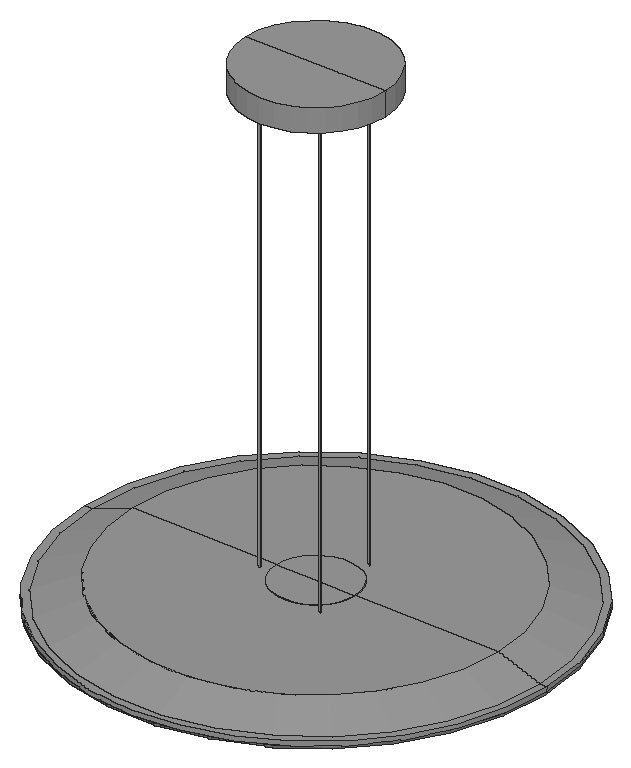
Revit family "Silent Field 2.0", category Apparecchi per illuminazione, Revit 2018
Family settings
  Quota connettore circolare = Usa diametro
  Tipo di parte = Normale
  Basato su piano di lavoro = Sì
  Sempre verticale = Sì
  Taglio con vuoti quando caricato = No
  Sorgente d'illuminazione = Sì
  Condiviso = No
  Punto di calcolo locali = No
Parameters (values of type "SilentField2.0_Direct+Indirect_3000K_APPCompatible_Orange_1013040APP")
  Wattage = 75 W
  built-in parameter 1150110 = 1 (stored number, unit not read)
  Voltage = "-"
  built-in parameter 1114217 = 1 (stored number, unit not read)
  Tilt Angle = 90.00°
  built-in parameter 1150109 = 1 (stored number, unit not read)
  built-in parameter 1150134 = (empty or 0)
  built-in parameter 1150113 = 1 (stored number, unit not read)
  Product Range = "SilentField2.8"
  File diagramma fotometrico = "1013040APP.IES"
  Max Height from ceiling = 2000 mm
  M_HousingStructure = Artemide_PolyesterFiberPET_Black
  M_Housing = Artemide_PolyesterFiberPET_Orange
  M_Fixings = Artemide_Aluminum_Anodized
  M_Diffuser = Artemide_Glass_LightBulb
  built-in parameter 1150105 = 6546.9 (stored number, unit not read)
  Lumens = 5276.25 lm
  built-in parameter 1150115 = 1 (stored number, unit not read)
  built-in parameter 1150137 = (empty or 0)
  built-in parameter 1150139 = (empty or 0)
  built-in parameter 1150112 = 1 (stored number, unit not read)
  built-in parameter 1150114 = 1 (stored number, unit not read)
  built-in parameter 1150132 = (empty or 0)
  built-in parameter 1150102 = (empty or 0)
  built-in parameter 1150107 = 3000 (stored number, unit not read)
  built-in parameter 1150138 = (empty or 0)
  built-in parameter 1150106 = 65.469 (stored number, unit not read)
  IfcExportType = "NOT DEFINED"  # constant formula
  IfcExportAs = "IfcLightFixtureType"  # constant formula
  Weekly = "-"
  Warranty ID = "https://cloud.artemide.com/5-years-warranty"
  Upward Component  = 0
  Unified Glare Rating  = "-"
  Uniclass 2015 = "Pr_70_70_48"  # constant formula
  URL to O&M Manual = "https://www.artemide.com/contents/documenti/prodotto/silent_field_2.0_instructions4846970.pdf"
  URL to Energy Technology List = "-"
  Total Power = 0
  Total Light Output  = 0
  Testing method = "-"
  Supply Phase = 0
  Suitable for Photocell Control = "-"
  Suitable for Motion Detector Control = "N"
  Suitable for Dimming  = "Y"
  Suitable Dimmer Type = "Push"
  Standards = "-"
  Shipping Weight = 0
  Service life  = "-"
  Secondary Rated Lamp Life = 0
  Secondary Lamp Voltage = 0
  Secondary Lamp International Type Code = "-"
  Secondary Lamp Initial Lumens  = 0
  Secondary Lamp Included = "-"
  Secondary Lamp Efficacy = 0
  Secondary Lamp Colour Temperature = 0
  Secondary Lamp Colour Rendering Index = 0
  Secondary Lamp Cap = "-"
  Secondary Lamp = "N"
  Responsible Sourcing of Materials = "-"
  Responsible Extraction of Materials = "-"
  Rated Lamp Life = 50000
  Quarterly = "-"
  Product Model Number = "1013040APP"
  Product Literature = "https://www.artemide.com/en/subfamily/3392064/silent-field-2-0"
  Primary Lamp Type = "LED"
  Power Supply Kit = "-"
  Power Factor = 0
  Photocell = "-"
  Overall Width = 0
  Overall Light Output Ratio = 0
  Overall Length = 1000
  Overall Height = 500
  Output Lumens Indirect light = 0
  Output Lumens Direct light = 5276
  Number of Secondary Lamps = 0
  Number of Primary Lamps = 1
  Number of Poles = 0
  Motion Sensor = "-"
  Motion Detector = "-"
  Monthly = "-"
  Minimum Operating Temperature = 0
  Maximum Operating Temperature = 0
  Material Ingredient Reporting = "-"
  Manufacturer Website = "https://www.artemide.com"
  Produttore = "Artemide"
  Maintenance Required: 8001-12000hrs  = "-"
  Maintenance Required: 601-1000hrs = "-"
  Maintenance Required: 4001-8000hrs  = "-"
  Maintenance Required: 301-600hrs  = "-"
  Maintenance Required: 2001-4000hrs  = "-"
  Maintenance Required: 1001-2000hrs  = "-"
  Maintenance Required: 0-300hrs  = "-"
  Luminance at 65deg Angle = 0
  Luminaire Type = "Pendant"
  Luminaire Maintenance Factor = 0
  Luminaire Cleaning Interval  = "-"
  Louvre/Lens = "-"
  Location of Manufacturer = "-"
  Light Output Pattern = "-"
  Light Fixture Mounting Type = "Suspended"
  Life Cycle Analysis = "-"
  Lamp Survival Factor = "-"
  Lamp Replacement Interval = "-"
  Lamp Included = "Y"
  Lamp Cap = "LED Integrated"
  LED lifetime = 118000
  LED Maintained Colour Variation         = 0
  LED Initial Colour Variation                      = 0
  International Type Code = "-"
  Intended Market = "Unset"
  Integral Fuse or Circuit Protection  = "-"
  Integral Emergency Lighting Battery Type = "-"
  Input Lumens Indirect light = 0
  Input Lumens Direct light = 7016.8
  Initial Lumens = 5276
  Infills = "-"
  IP Rating = "IP20"
  IK Rating = "-"
  IES Files  = "https://www.artemide.com/product/downloadFile/4750442/ieseu/4923041"
  Housing Material = "Polyester fibre"
  Housing Finish  = "Welded fabric"
  Housing Colour  = "Orange"
  Hazardous Area Protection Type = "-"
  Hazardous Area Category = "-"
  Gross Weight = 8.46
  Green Guide for Specification = "-"
  Frequency  = 0
  Fixings = "-"
  Fire Shroud = "-"
  Fire Rating Duration = 0
  Fire Rated Temperature = 0
  Fire Rated = "-"
  Features = "-"
  Face Width = 0
  Face Shape = "Circular"
  Face Length = 0
  External Control Line Voltage = 0
  Expected Life = "-"
  Environmental Product Declaration = "-"
  End Caps/Transition Caps/Joints = "-"
  Emergency light output percentage = 0
  Emergency Lighting Battery = "-"
  Emergency Charging Power       = 0
  Emergency = "N"
  Embodied Carbon  = 0
  Efficiency = 75
  built-in parameter 1150104 = 6.5357 (stored number, unit not read)
  Earth Point  = "-"
  ENEC Certification of European conformity = "Y"
  Duration of Integral Emergency Lighting  = 0
  Drive Current                                          = 0
  Downward Component = 0
  Distance_LampFromCeilingReal [instance] = if(Distance_LampFromCeiling > Max Height from ceiling, Max Height from ceiling, Distance_LampFromCeiling)  # 200 mm
  Distance_LampFromCeiling [instance] = 200 mm
  Variazione temperatura colore lampada con luminosità attenuata = <Nessuno>
  Diffusing screen = "-"
  Designed by = "Carlotta de Bevilacqua_Laura Pessoni"
  Default Elevation = 1219.2 mm
  Daylight Sensor = "-"
  Daily = "-"
  Cut Out Width = 0
  Cut Out Length = 0
  Current  = 0
  Control Gear Type = "-"
  Control Gear Standby Power  = 0
  Control Gear Required = "-"
  Control Gear Location = "-"
  Column = "-"
  Colour Temperature = 3000
  Colour Rendering Index = 90
  Filtro dei colori = 16777215
  CE Approval = "YES"
  Bespoke Timeframe = "-"
  Beam Angle Transverse Axis  = 0.00°
  Beam Angle Longditudinal Axis  = 0.00°
  Basis of lifetime luminaire failures        = 0
  Basis of lifetime lumen depreciation   = 0
  built-in parameter 1114218 = 1 (stored number, unit not read)
  built-in parameter 1150133 = 10 (stored number, unit not read)
  Application Environment = "Internal"
  Annually = "-"
  Ambient Temperature                             = 0
  Air Handling = "-"
  Access Clearance Top = 0
  Access Clearance Right = 0
  Access Clearance Rear = 0
  Access Clearance Left = 0
  Access Clearance Front = 0
  Access Clearance Bottom = 0
  6 Monthly = "-"
Types (12, lengths in mm): name | Wattage | Product Range | File diagramma fotometrico | M_Housing | built-in parameter 1150105 | Lumens | built-in parameter 1150106 | URL to O&M Manual | Rated Lamp Life | Product Model Number | Output Lumens Direct light | Input Lumens Direct light | Initial Lumens | IES Files  | Housing Colour  | Gross Weight | Efficiency | built-in parameter 1150104
  SilentField2.0_Direct_3000K_White_1014020A | 35 W | "SilentField2.3" | "1014020A.IES" | Artemide_PolyesterFiberPET_White | 165.89 (stored number, unit not read) | 2084.6 lm | 1.6589 (stored number, unit not read) | "https://www.artemide.com/contents/documenti/prodotto/silent_field_2.0_instructions4800849.pdf" | 118000 | "1014020A" | 2085 | 3270 | 2085 | "https://www.artemide.com/product/downloadFile/4747883/ieseu/4923042" | "White" | 7.8 | 64 | 5.5333 (stored number, unit not read)
  SilentField2.0_Direct_3000K_Orange_1014040A | 35 W | "SilentField2.4" | "1014040A.IES" | Artemide_PolyesterFiberPET_Orange | 165.89 (stored number, unit not read) | 2084.6 lm | 1.6589 (stored number, unit not read) | "https://www.artemide.com/contents/documenti/prodotto/silent_field_2.0_instructions4800851.pdf" | 118000 | "1014040A" | 2085 | 3270 | 2085 | "https://www.artemide.com/product/downloadFile/4747884/ieseu/4923045" | "Orange" | 7.8 | 64 | 5.5333 (stored number, unit not read)
  SilentField2.0_Direct_3000K_Black_1014030A | 35 W | "SilentField2.5" | "1014030A.IES" | Artemide_PolyesterFiberPET_Black | 165.89 (stored number, unit not read) | 2084.6 lm | 1.6589 (stored number, unit not read) | "https://www.artemide.com/contents/documenti/prodotto/silent_field_2.0_instructions4800853.pdf" | 118000 | "1014030A" | 2085 | 3270 | 2085 | "https://www.artemide.com/product/downloadFile/4747885/ieseu/4923046" | "Black" | 7.8 | 64 | 5.5333 (stored number, unit not read)
  SilentField2.0_Direct+Indirect_3000K_White_1013020A | 75 W | "SilentField2.0" | "1013020A.IES" | Artemide_PolyesterFiberPET_White | 6546.9 (stored number, unit not read) | 5276.25 lm | 65.469 (stored number, unit not read) | "https://www.artemide.com/contents/documenti/prodotto/silent_field_2.0_instructions4800848.pdf" | 50000 | "1013020A" | 5276 | 7016.8 | 5276 | "https://www.artemide.com/product/downloadFile/4746567/ieseu/4923052" | "White" | 8.46 | 75 | 6.5357 (stored number, unit not read)
  SilentField2.0_Direct+Indirect_3000K_Orange_1013040A | 75 W | "SilentField2.1" | "1013040A.IES" | Artemide_PolyesterFiberPET_Orange | 6546.9 (stored number, unit not read) | 5276.25 lm | 65.469 (stored number, unit not read) | "https://www.artemide.com/contents/documenti/prodotto/silent_field_2.0_instructions4800851.pdf" | 50000 | "1013040A" | 5276 | 7016.8 | 5276 | "https://www.artemide.com/product/downloadFile/4747884/ieseu/4923045" | "Orange" | 8.46 | 75 | 6.5357 (stored number, unit not read)
  SilentField2.0_Direct+Indirect_3000K_Black_1013030A | 75 W | "SilentField2.2" | "1013030A.IES" | Artemide_PolyesterFiberPET_Black | 6546.9 (stored number, unit not read) | 5276.25 lm | 65.469 (stored number, unit not read) | "https://www.artemide.com/contents/documenti/prodotto/silent_field_2.0_instructions4800852.pdf" | 50000 | "1013030A" | 5276 | 7016.8 | 5276 | "https://www.artemide.com/product/downloadFile/4746569/ieseu/4923050" | "Black" | 8.46 | 75 | 6.5357 (stored number, unit not read)
  SilentField2.0_Direct_3000K_APPCompatible_White_1014020APP | 35 W | "SilentField2.7" | "1014020APP.IES" | Artemide_PolyesterFiberPET_White | 165.89 (stored number, unit not read) | 2084.6 lm | 1.6589 (stored number, unit not read) | "https://www.artemide.com/contents/documenti/prodotto/silent_field_2.0_instructions4846961.pdf" | 118000 | "1014020APP" | 2085 | 3270 | 2085 | "https://www.artemide.com/product/downloadFile/4750441/ieseu/4923047" | "White" | 7.8 | 64 | 5.5333 (stored number, unit not read)
  SilentField2.0_Direct_3000K_APPCompatible_Orange_1014040APP | 35 W | "SilentField2.9" | "1014040APP.IES" | Artemide_PolyesterFiberPET_Orange | 165.89 (stored number, unit not read) | 2084.6 lm | 1.6589 (stored number, unit not read) | "https://www.artemide.com/contents/documenti/prodotto/silent_field_2.0_instructions4846979.pdf" | 118000 | "1014040APP" | 2085 | 3270 | 2085 | "https://www.artemide.com/product/downloadFile/4750443/ieseu/4923043" | "Orange" | 7.8 | 64 | 5.5333 (stored number, unit not read)
  SilentField2.0_Direct_3000K_APPCompatible_Black_1014030APP | 35 W | "SilentField2.11" | "1014030APP.IES" | Artemide_PolyesterFiberPET_Black | 165.89 (stored number, unit not read) | 2084.6 lm | 1.6589 (stored number, unit not read) | "https://www.artemide.com/contents/documenti/prodotto/silent_field_2.0_instructions4846997.pdf" | 118000 | "1014030APP" | 2085 | 3270 | 2085 | "https://www.artemide.com/product/downloadFile/4750445/ieseu/4923049" | "Black" | 7.8 | 64 | 5.5333 (stored number, unit not read)
  SilentField2.0_Direct+Indirect_3000K_APPCompatible_White_1013020APP | 75 W | "SilentField2.6" | "1013020APP.IES" | Artemide_PolyesterFiberPET_White | 6546.9 (stored number, unit not read) | 5276.25 lm | 65.469 (stored number, unit not read) | "https://www.artemide.com/contents/documenti/prodotto/silent_field_2.0_instructions4846952.pdf" | 50000 | "1013020APP" | 5276 | 7016.8 | 5276 | "https://www.artemide.com/product/downloadFile/4750440/ieseu/4923044" | "White" | 8.46 | 75 | 6.5357 (stored number, unit not read)
  SilentField2.0_Direct+Indirect_3000K_APPCompatible_Orange_1013040APP | 75 W | "SilentField2.8" | "1013040APP.IES" | Artemide_PolyesterFiberPET_Orange | 6546.9 (stored number, unit not read) | 5276.25 lm | 65.469 (stored number, unit not read) | "https://www.artemide.com/contents/documenti/prodotto/silent_field_2.0_instructions4846970.pdf" | 50000 | "1013040APP" | 5276 | 7016.8 | 5276 | "https://www.artemide.com/product/downloadFile/4750442/ieseu/4923041" | "Orange" | 8.46 | 75 | 6.5357 (stored number, unit not read)
  SilentField2.0_Direct+Indirect_3000K_APPCompatible_Black_1013030APP | 75 W | "SilentField2.10" | "1013030APP.IES" | Artemide_PolyesterFiberPET_Black | 6546.9 (stored number, unit not read) | 5276.25 lm | 65.469 (stored number, unit not read) | "https://www.artemide.com/contents/documenti/prodotto/silent_field_2.0_instructions4846988.pdf" | 50000 | "1013030APP" | 5276 | 7016.8 | 5276 | "https://www.artemide.com/product/downloadFile/4750444/ieseu/4923048" | "Black" | 8.46 | 75 | 6.5357 (stored number, unit not read)
Reference planes
  plane 1 "Center (Front/Back)": y = 0
  plane 2: z = 0
  plane 3 "Center (Left/Right)": x = 0
  plane 4 "Top Lamp": z = -200
  plane 5: z = -9.844
  plane 6: z = -206.3
  plane 7 "Bottom Lamp": z = -209.7
  plane 8: x = -25.654
  plane 9: x = -96.956
  plane 10: x = -100.065
  plane 11: x = 25.654
  plane 12: x = 96.956
  plane 13: x = 100.065
  plane 14: x = -30.127
  plane 15: x = 30.127
  plane 16: x = -20.932
  plane 17: y = -4.327
  plane 18: x = 6.612
  plane 19: y = 20.473
  plane 20: x = 14.319
  plane 21: y = -15.781
  plane 22: x = -17
  plane 23 "Center L/Z": z = -209.9
Forms (mm)
  Revolve 1, solid, material "Artemide_Aluminum_Anodized" <- "M_Fixings"
    sketch origin (0, 0, 0) x (1, 0, 0) y (0, 0, 1)
      loop
        line (-30.127, 0) -> (-30.127, -9.844) -> (0, -9.844) -> (0, 0) -> (-30.127, 0)
      axis (0, 0) -> (0, -9.844)
    angle from 0 to 360
  Extrusion 2, solid, material "Artemide_Aluminum_Anodized" <- "M_Fixings"
    sketch origin (0, 0, -200) x (-1, 0, 0) y (0, -1, 0)
      loop
        circle (20.932, 4.327) r 0.4
    from -6.3 to 190.156
  Extrusion 3, solid, material "Artemide_Aluminum_Anodized" <- "M_Fixings"
    sketch origin (27.544, 24.801, -200) x (-1, 0, 0) y (0, -1, 0)
      loop
        circle (20.932, 4.327) r 0.4
    from -6.3 to 190.156
  Extrusion 4, solid, material "Artemide_Aluminum_Anodized" <- "M_Fixings"
    sketch origin (35.252, -11.454, -200) x (-1, 0, 0) y (0, -1, 0)
      loop
        circle (20.932, 4.327) r 0.4
    from -6.3 to 190.156
  Revolve 5, solid, material "Artemide_PolyesterFiberPET_Black" <- "M_HousingStructure"
    sketch origin (0, 0, 0) x (1, 0, 0) y (0, 0, 1)
      loop
        line (0, -200) -> (-79.242, -200) -> (-96.956, -206.3) -> (0, -206.3) -> (0, -200)
      axis (0, -200) -> (0, -206.3)
    angle from 0 to 360
  Revolve 6, solid, material "Artemide_PolyesterFiberPET_Orange" <- "M_Housing"
    sketch origin (0, 0, 0) x (1, 0, 0) y (0, 0, 1)
      loop
        line (0, -206.3) -> (-100.065, -206.3) -> (-100.065, -208.206)
        arc (-100.065, -208.206) -> (-99.627, -209.262) -> (-98.571, -209.7) r 1.494
        line (-98.571, -209.7) -> (0, -209.7) -> (0, -206.3)
      axis (0, -206.3) -> (0, -209.7)
    angle from 0 to 360
  Revolve 7, solid, material "Artemide_PolyesterFiberPET_Black" <- "M_HousingStructure"
    sketch origin (0, 0, 0) x (1, 0, 0) y (0, 0, 1)
      loop
        line (0, -200) -> (-17, -200) -> (-17, -206.3) -> (0, -206.3) -> (0, -200)
      axis (0, -200) -> (0, -206.3)
    angle from 0 to 360
  Extrusion 8, solid, material "Artemide_Glass_LightBulb" <- "M_Diffuser"
    sketch origin (0, 0, -209.7) x (-1, 0, 0) y (0, -1, 0)
      loop
        circle (75.009, 0) r 4.313
      loop
        circle (37.5, 64.952) r 4.31
      loop
        circle (0, 50) r 4.31
      loop
        circle (21.651, 12.5) r 4.31
      loop
        circle (43.301, -25) r 4.31
      loop
        circle (37.5, -64.952) r 4.31
      loop
        circle (-37.5, -64.952) r 4.31
      loop
        circle (0, -25) r 4.31
      loop
        circle (-43.311, -24.993) r 4.31
      loop
        circle (-21.651, 12.5) r 4.31
      loop
        circle (-37.509, 64.958) r 4.31
      loop
        circle (-75, 0) r 4.31
    from -0.2 to 0
Dimensions and locks
  "Distance_LampFromCeilingReal": plane 2 to plane 4 "Top Lamp"
  locked: plane 2 to plane 5 at 9.844
  plane 4 "Top Lamp" to plane 6 to plane 7 "Bottom Lamp" = 6.3 mm locked, 3.4 mm locked
  plane 8 to plane 3 "Center (Left/Right)" = 25.654 mm
  plane 10 to plane 9 to plane 14 to plane 8 to plane 3 "Center (Left/Right)" = 3.109 mm locked, 66.829 mm locked, 4.473 mm locked, 25.654 mm locked
  plane 13 to plane 12 to plane 15 to plane 11 to plane 3 "Center (Left/Right)" = 3.109 mm locked, 66.829 mm locked, 4.473 mm locked, 25.654 mm locked
  locked: plane 8 to plane 16 at 4.722
  locked: plane 1 "Center (Front/Back)" to plane 17 at 4.327
  locked: plane 3 "Center (Left/Right)" to plane 18 at 6.612
  locked: plane 19 to plane 1 "Center (Front/Back)" at 20.473
  locked: plane 3 "Center (Left/Right)" to plane 20 at 14.319
  locked: plane 1 "Center (Front/Back)" to plane 21 at 15.781
  locked: plane 22 to plane 3 "Center (Left/Right)" at 17
  locked: plane 7 "Bottom Lamp" to plane 23 "Center L/Z" at 0.2
  aligned and locked: level to plane 2
  aligned and locked: plane 2 to Revolve 1 sketch curve
  aligned and locked: plane 14 to Revolve 1 sketch curve
  aligned and locked: Revolve 1 sketch curve to plane 5
  aligned and locked: plane 3 "Center (Left/Right)" to Revolve 1 sketch curve
  aligned and locked: Revolve 1 sketch curve to plane 3 "Center (Left/Right)"
  aligned and locked: plane 16 to Extrusion 2 sketch curve
  aligned and locked: plane 17 to Extrusion 2 sketch curve
  aligned and locked: plane 5 to Extrusion 2
  aligned and locked: plane 18 to Extrusion 3 sketch curve
  aligned and locked: plane 19 to Extrusion 3 sketch curve
  aligned and locked: plane 20 to Extrusion 4 sketch curve
  aligned and locked: plane 21 to Extrusion 4 sketch curve
  aligned and locked: plane 5 to Extrusion 3
  aligned and locked: plane 5 to Extrusion 4
  aligned and locked: Revolve 5 sketch curve to plane 3 "Center (Left/Right)"  (x2)
  aligned and locked: plane 6 to Revolve 5 sketch curve  (x2)
  aligned and locked: plane 10 to Revolve 6 sketch curve
  aligned and locked: Revolve 6 sketch curve to plane 7 "Bottom Lamp"
  aligned and locked: plane 6 to Revolve 6 sketch curve
  aligned and locked: plane 3 "Center (Left/Right)" to Revolve 6 sketch curve
  aligned and locked: Revolve 6 sketch curve to plane 3 "Center (Left/Right)"
  aligned and locked: Extrusion 2 to plane 6
  aligned and locked: Extrusion 3 to plane 6
  aligned and locked: Extrusion 4 to plane 6
  aligned and locked: plane 4 "Top Lamp" to Revolve 7 sketch curve
  aligned and locked: Revolve 7 sketch curve to plane 6
  aligned and locked: plane 3 "Center (Left/Right)" to Revolve 7 sketch curve
  aligned and locked: Revolve 7 sketch curve to plane 3 "Center (Left/Right)"
  aligned and locked: plane 22 to Revolve 7 sketch curve
  aligned and locked: imposter light to plane 1 "Center (Front/Back)"
  aligned and locked: plane 3 "Center (Left/Right)" to imposter light
  aligned and locked: Extrusion 8 to plane 23 "Center L/Z"
  aligned and locked: plane 7 "Bottom Lamp" to Extrusion 8
  aligned and locked: Revolve 5 sketch curve to plane 4 "Top Lamp"
  aligned and locked: plane 7 "Bottom Lamp" to imposter light
Automatic sketch dimensions
  Revolve 1 sketch curve to plane 7 "Bottom Lamp" = 2990.464 mm
  level to Revolve 1 sketch curve = 2214.315 mm
  Revolve 6 sketch curve to plane 10 = 1.494 mm
  Revolve 6 sketch curve to Revolve 6 sketch curve = 2990.464 mm
  level to Revolve 6 sketch curve = 2214.315 mm
  Revolve 7 sketch curve to plane 7 "Bottom Lamp" = 2990.464 mm
  level to Revolve 7 sketch curve = 2214.315 mm
  plane 21 to Extrusion 8 sketch curve = 15.781 mm  (x2)
  Extrusion 8 sketch curve to plane 13 = 25.065 mm
  Extrusion 8 sketch curve to plane 1 "Center (Front/Back)" = 24.993 mm
  Extrusion 8 sketch curve to Extrusion 8 sketch curve = 31.689 mm
  Extrusion 8 sketch curve to Extrusion 8 sketch curve = 37.491 mm
  Extrusion 8 sketch curve to Extrusion 8 sketch curve = 5.811 mm
  plane 21 to Extrusion 8 sketch curve = 3.281 mm  (x2)
  Extrusion 8 sketch curve to Extrusion 8 sketch curve = 21.661 mm
  Extrusion 8 sketch curve to Extrusion 8 sketch curve = 37.509 mm
  Extrusion 8 sketch curve to plane 1 "Center (Front/Back)" = 25 mm  (x2)
  Extrusion 8 sketch curve to Extrusion 8 sketch curve = 21.651 mm
  Extrusion 8 sketch curve to Extrusion 8 sketch curve = 43.301 mm
  plane 19 to Extrusion 8 sketch curve = 44.479 mm  (x2)
  Extrusion 8 sketch curve to Extrusion 8 sketch curve = 37.5 mm  (x3)
  Extrusion 8 sketch curve to Extrusion 8 sketch curve = 5.801 mm
  Extrusion 8 sketch curve to plane 13 = 175.074 mm
  Extrusion 8 sketch curve to Extrusion 8 sketch curve = 14.952 mm
  Extrusion 8 sketch curve to Extrusion 8 sketch curve = 14.958 mm
  plane 9 to Revolve 5 sketch curve = 0 mm
  Revolve 5 sketch curve to plane 9 = 17.714 mm
  Revolve 5 sketch curve to plane 23 "Center L/Z" = 2990.264 mm
  level to Revolve 5 sketch curve = 2214.315 mm
  radius of Extrusion 2 sketch curve = 0.4 mm
  radius of Extrusion 3 sketch curve = 0.4 mm
  radius of Extrusion 4 sketch curve = 0.4 mm
  radius of Extrusion 8 sketch curve = 4.313 mm
  radius of Extrusion 8 sketch curve = 4.31 mm  (x11)
